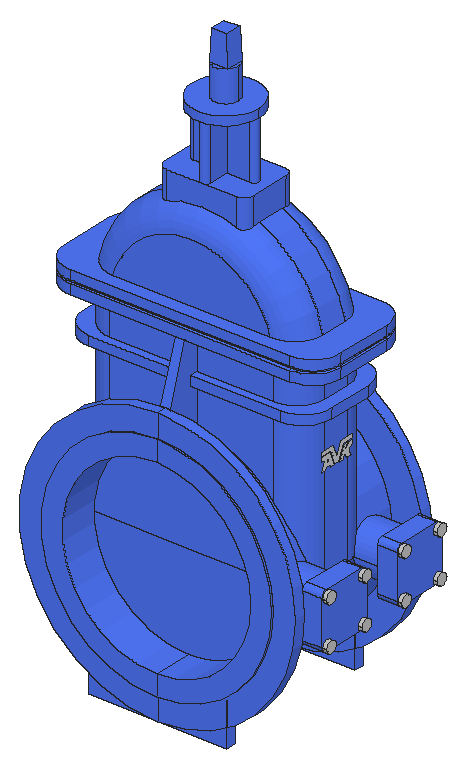
Revit family "54-3132-001 DN350-600", category Pipe Accessories, Revit 2022
Family settings
  Round Connector Dimension = Use Diameter
  Part Type = Valve - Breaks Into
  Work Plane-Based = No
  Always vertical = No
  Cut with Voids When Loaded = No
  Shared = No
Parameters (values of type "54-0500-32-1101100")
  wedge_dim1 = Body_W * 1.1  # 247.50 mm
  sweep = size_lookup(Search_table, "sweep", 0.00 mm, DN)  # 4.00 mm
  stem_dim = F1 * 1.4  # 67.20 mm
  bottom_rib = OD * 0.5  # 365.00 mm
  W_half = W - W1  # 365.00 mm
  W1 = size_lookup(Search_table, "W1", 0.00 mm, DN)  # 425.00 mm
  W = size_lookup(Search_table, "W", 0.00 mm, DN)  # 790.00 mm
  Stem_dim = F2 / 2  # 81.00 mm
  Rib_W = (Bonnet_FL_W * 0.9) / 2  # 135.00 mm
  Rib_L = (Bonnet_FL_L * 0.9) / 2  # 328.50 mm
  Rib_H = Body_H * 0.8  # 406.80 mm
  Raised_dis = size_lookup(Search_table, "Raised_dis", 0.00 mm, DN)  # 4.00 mm
  Raised_dia = size_lookup(Search_table, "Raised_dia", 0.00 mm, DN)  # 609.00 mm
  PN = size_lookup(Search_table, "PN", 0.00 mm, DN)  # 16.00 mm
  OD1 = H2 * 2  # 730.00 mm
  OD = size_lookup(Search_table, "OD", 0.00 mm, DN)  # 730.00 mm
  L = size_lookup(Search_table, "L", 0.00 mm, DN)  # 457.00 mm
  H2 = size_lookup(Search_table, "H2", 0.00 mm, DN)  # 365.00 mm
  H1 = size_lookup(Search_table, "H1", 0.00 mm, DN)  # 1017.00 mm
  H = 782.00 mm
  Fillet = Body_W / 3  # 75.00 mm
  FL_T = size_lookup(Search_table, "FL_T", 0.00 mm, DN)  # 31.50 mm
  F2 = size_lookup(Search_table, "F2", 0.00 mm, DN)  # 162.00 mm
  F1 = size_lookup(Search_table, "F1", 0.00 mm, DN)  # 48.00 mm
  F = size_lookup(Search_table, "F", 0.00 mm, DN)  # 40.00 mm
  DN = 500.14 mm
  Description_ = "AVK METAL SEAT GATE VALVE, FLANGED, PN 10/16"
  Default Elevation = 0.00 mm
  Search_table = "54-3132-001 DN350-600"
  URL product pages = "https://www.avkvalves.com/P.aspx?no=540350310101100"
  Cut_dis = Bonnet_FL_T / 2  # 29.925 mm
  Bypass_dis = W1 * 0.85  # 361.25 mm
  Bypass_dim3 = Bypass_dim1 * 0.43  # 62.78 mm
  Bypass_dim2 = Bypass_dim1 * 0.1  # 14.60 mm
  Bypass_dim1 = OD * 0.2  # 146.00 mm
  Bore = DN / 2  # 250.07 mm
  Bonnet_fillet = Fillet / 3  # 25.00 mm
  Bonnet_dim3 = H1 * 0.83  # 844.11 mm
  Bonnet_dim2 = Body_W * 0.35  # 78.75 mm
  Bonnet_dim1 = Body_L * 0.2  # 116.80 mm
  Bonnet_FL_W = size_lookup(Search_table, "Bonnet_FL_W", 0.00 mm, DN)  # 300.00 mm
  Bonnet_FL_T = FL_T * 1.9  # 59.85 mm
  Bonnet_FL_L = size_lookup(Search_table, "Bonnet_FL_L", 0.00 mm, DN)  # 730.00 mm
  Body_rib_T = FL_T * 0.4  # 12.60 mm
  Body_T = size_lookup(Search_table, "Body_T", 0.00 mm, DN) / 2  # 242.50 mm
  Body_W = Bonnet_FL_W * 0.75  # 225.00 mm
  Body_L = Bonnet_FL_L * 0.8  # 584.00 mm
  Body_H = H1 / 2  # 508.50 mm
  BP_centre = Bypass_dim1 / 2  # 73.00 mm
  Actuator_FLR = size_lookup(Search_table, "Actuator_FLR", 0.00 mm, DN) / 2  # 87.50 mm
  ADN = size_lookup(Search_table, "ADN", 0.00 mm, DN)  # 500.00 mm
  ACtuator_T = Body_rib_T * 1.8  # 22.68 mm
  54-0600-32-1101100 = "DN600_PN16_ CTO"
  54-0600-32-0102100 = "DN600_PN10_ CTO"
  54-0600-32-0101100 = "DN600_PN10_ CTO"
  54-0600-31-1102100 = "DN600_PN16_ CTC"
  54-0600-31-1101100 = "DN600_PN16_ CTC"
  54-0600-31-0102100 = "DN600_PN10_ CTC"
  54-0600-31-0101100 = "DN600_PN10_ CTC"
  54-0500-32-1101100 = "DN500_PN16_ CTO"
  54-0500-32-0101100 = "DN500_PN10_ CTO"
  54-0500-31-1102100 = "DN500_PN16_ CTO"
  54-0500-31-1101100 = "DN500_PN16_ CTC"
  54-0500-31-0102100 = "DN500_PN16_ CTC\r\nDN500_PN10_ CTC\r\nDN500_PN10_ CTC"
  54-0500-31-0101100 = "DN500_PN10_ CTC"
  54-0450-32-1101100 = "DN450_PN16_ CTO"
  54-0450-32-0102100 = "DN450_PN10_ CTO"
  54-0450-32-0101100 = "DN450_PN10_ CTO"
  54-0450-31-1102100 = "DN450_PN16_ CTC"
  54-0450-31-1101100 = "DN450_PN16_ CTC"
  54-0450-31-0102100 = "DN450_PN10_ CTC"
  54-0450-31-0101100 = "DN450_PN10_ CTC"
  54-0400-32-1101100 = "DN400_PN16_ CTO"
  54-0400-32-0101100 = "DN400_PN10_ CTO"
  54-0400-31-1102100 = "DN400_PN16_ CTC"
  54-0400-31-1101100 = "DN400_PN16_ CTC"
  54-0400-31-0101100 = "DN400_PN10_ CTC"
  54-0350-32-1101100 = "DN350_PN16_ CTO"
  54-0350-32-0101100 = "DN350_PN10_ CTO"
  54-0350-31-1101100 = "DN350_PN16_ CTC\r\nDN350_PN16_ CTC"
  54-0350-31-0101100 = "DN350_PN10_ CTC\r\nDN350_PN10_ CTC"
  1 = 1.00 mm  # constant formula
Types (30, lengths in mm): name | wedge_dim1 | bottom_rib | W_half | W1 | W | Rib_W | Rib_L | Rib_H | Raised_dis | Raised_dia | PN | OD1 | OD | L | H2 | H1 | Fillet | FL_T | F | DN | Cut_dis | Bypass_dis | Bypass_dim3 | Bypass_dim2 | Bypass_dim1 | Bore | Bonnet_fillet | Bonnet_dim3 | Bonnet_dim2 | Bonnet_dim1 | Bonnet_FL_W | Bonnet_FL_T | Bonnet_FL_L | Body_rib_T | Body_T | Body_W | Body_L | Body_H | BP_centre | Actuator_FLR | ADN | ACtuator_T
  (no name) | 247.50 | 365.00 | 365.00 | 425.00 | 790.00 | 135.00 | 328.50 | 406.80 | 4.00 | 609.00 | 16.00 | 730.00 | 730.00 | 457.00 | 365.00 | 1017.00 | 75.00 | 31.50 | 40.00 | 500.14 | 29.925 | 361.25 | 62.78 | 14.60 | 146.00 | 250.07 | 25.00 | 844.11 | 78.75 | 116.80 | 300.00 | 59.85 | 730.00 | 12.60 | 242.50 | 225.00 | 584.00 | 508.50 | 73.00 | 87.50 | 500.00 | 22.68
  54-0350-31-0101100 | 217.80 | 265.00 | 280.00 | 325.00 | 605.00 | 118.80 | 252.00 | 312.80 | 4.00 | 429.00 | 10.00 | 530.00 | 530.00 | 381.00 | 265.00 | 782.00 | 66.00 | 24.50 | 40.00 | 350.00 | 23.275 | 276.25 | 45.58 | 10.60 | 106.00 | 175.00 | 22.00 | 649.06 | 69.30 | 89.60 | 264.00 | 46.55 | 560.00 | 9.80 | 167.50 | 198.00 | 448.00 | 391.00 | 53.00 | 87.50 | 350.00 | 17.64
  54-0350-31-1101100 | 217.80 | 265.00 | 280.00 | 325.00 | 605.00 | 118.80 | 252.00 | 312.80 | 4.00 | 429.00 | 16.00 | 530.00 | 530.00 | 381.00 | 265.00 | 782.00 | 66.00 | 26.50 | 40.00 | 350.10 | 25.175 | 276.25 | 45.58 | 10.60 | 106.00 | 175.05 | 22.00 | 649.06 | 69.30 | 89.60 | 264.00 | 50.35 | 560.00 | 10.60 | 167.50 | 198.00 | 448.00 | 391.00 | 53.00 | 87.50 | 350.00 | 19.08
  54-0350-32-0101100 | 217.80 | 265.00 | 280.00 | 325.00 | 605.00 | 118.80 | 252.00 | 312.80 | 4.00 | 429.00 | 10.00 | 530.00 | 530.00 | 381.00 | 265.00 | 782.00 | 66.00 | 24.50 | 40.00 | 350.11 | 23.275 | 276.25 | 45.58 | 10.60 | 106.00 | 175.055 | 22.00 | 649.06 | 69.30 | 89.60 | 264.00 | 46.55 | 560.00 | 9.80 | 167.50 | 198.00 | 448.00 | 391.00 | 53.00 | 87.50 | 350.00 | 17.64
  54-0350-32-1101100 | 217.80 | 265.00 | 280.00 | 325.00 | 605.00 | 118.80 | 252.00 | 312.80 | 4.00 | 429.00 | 16.00 | 530.00 | 530.00 | 381.00 | 265.00 | 782.00 | 66.00 | 26.50 | 40.00 | 350.12 | 25.175 | 276.25 | 45.58 | 10.60 | 106.00 | 175.06 | 22.00 | 649.06 | 69.30 | 89.60 | 264.00 | 50.35 | 560.00 | 10.60 | 167.50 | 198.00 | 448.00 | 391.00 | 53.00 | 87.50 | 350.00 | 19.08
  54-0400-31-0101100 | 217.80 | 295.00 | 302.00 | 355.00 | 657.00 | 118.80 | 271.80 | 342.80 | 4.00 | 480.00 | 10.00 | 590.00 | 590.00 | 406.00 | 295.00 | 857.00 | 66.00 | 24.50 | 40.00 | 400.00 | 23.275 | 301.75 | 50.74 | 11.80 | 118.00 | 200.00 | 22.00 | 711.31 | 69.30 | 96.64 | 264.00 | 46.55 | 604.00 | 9.80 | 192.50 | 198.00 | 483.20 | 428.50 | 59.00 | 87.50 | 400.00 | 17.64
  54-0400-31-1101100 | 217.80 | 295.00 | 302.00 | 355.00 | 657.00 | 118.80 | 271.80 | 342.80 | 4.00 | 480.00 | 16.00 | 590.00 | 590.00 | 406.00 | 295.00 | 857.00 | 66.00 | 28.00 | 40.00 | 400.10 | 26.60 | 301.75 | 50.74 | 11.80 | 118.00 | 200.05 | 22.00 | 711.31 | 69.30 | 96.64 | 264.00 | 53.20 | 604.00 | 11.20 | 192.50 | 198.00 | 483.20 | 428.50 | 59.00 | 87.50 | 400.00 | 20.16
  54-0400-31-1102100 | 217.80 | 295.00 | 302.00 | 355.00 | 657.00 | 118.80 | 271.80 | 342.80 | 4.00 | 480.00 | 16.00 | 590.00 | 590.00 | 406.00 | 295.00 | 857.00 | 66.00 | 28.00 | 40.00 | 400.11 | 26.60 | 301.75 | 50.74 | 11.80 | 118.00 | 200.055 | 22.00 | 711.31 | 69.30 | 96.64 | 264.00 | 53.20 | 604.00 | 11.20 | 192.50 | 198.00 | 483.20 | 428.50 | 59.00 | 105.00 | 400.00 | 20.16
  54-0400-32-0101100 | 217.80 | 295.00 | 302.00 | 355.00 | 657.00 | 118.80 | 271.80 | 342.80 | 4.00 | 480.00 | 10.00 | 590.00 | 590.00 | 406.00 | 295.00 | 857.00 | 66.00 | 24.50 | 40.00 | 400.12 | 23.275 | 301.75 | 50.74 | 11.80 | 118.00 | 200.06 | 22.00 | 711.31 | 69.30 | 96.64 | 264.00 | 46.55 | 604.00 | 9.80 | 192.50 | 198.00 | 483.20 | 428.50 | 59.00 | 87.50 | 400.00 | 17.64
  54-0400-32-1101100 | 217.80 | 295.00 | 302.00 | 355.00 | 657.00 | 118.80 | 271.80 | 342.80 | 4.00 | 480.00 | 16.00 | 590.00 | 590.00 | 406.00 | 295.00 | 857.00 | 66.00 | 28.00 | 40.00 | 400.13 | 26.60 | 301.75 | 50.74 | 11.80 | 118.00 | 200.065 | 22.00 | 711.31 | 69.30 | 96.64 | 264.00 | 53.20 | 604.00 | 11.20 | 192.50 | 198.00 | 483.20 | 428.50 | 59.00 | 87.50 | 400.00 | 20.16
  54-0450-31-0101100 | 239.25 | 325.00 | 335.00 | 385.00 | 720.00 | 130.50 | 301.50 | 377.60 | 4.00 | 530.00 | 10.00 | 650.00 | 650.00 | 432.00 | 325.00 | 944.00 | 72.50 | 25.50 | 40.00 | 450.00 | 24.225 | 327.25 | 55.90 | 13.00 | 130.00 | 225.00 | 24.167 | 783.52 | 76.125 | 107.20 | 290.00 | 48.45 | 670.00 | 10.20 | 217.50 | 217.50 | 536.00 | 472.00 | 65.00 | 87.50 | 450.00 | 18.36
  54-0450-31-0102100 | 239.25 | 325.00 | 335.00 | 385.00 | 720.00 | 130.50 | 301.50 | 377.60 | 4.00 | 530.00 | 10.00 | 650.00 | 650.00 | 432.00 | 325.00 | 944.00 | 72.50 | 25.50 | 40.00 | 450.10 | 24.225 | 327.25 | 55.90 | 13.00 | 130.00 | 225.05 | 24.167 | 783.52 | 76.125 | 107.20 | 290.00 | 48.45 | 670.00 | 10.20 | 217.50 | 217.50 | 536.00 | 472.00 | 65.00 | 105.00 | 450.00 | 18.36
  54-0450-31-1101100 | 239.25 | 325.00 | 335.00 | 385.00 | 720.00 | 130.50 | 301.50 | 377.60 | 4.00 | 548.00 | 16.00 | 650.00 | 650.00 | 432.00 | 325.00 | 944.00 | 72.50 | 30.00 | 40.00 | 450.11 | 28.50 | 327.25 | 55.90 | 13.00 | 130.00 | 225.055 | 24.167 | 783.52 | 76.125 | 107.20 | 290.00 | 57.00 | 670.00 | 12.00 | 217.50 | 217.50 | 536.00 | 472.00 | 65.00 | 87.50 | 450.00 | 21.60
  54-0450-31-1102100 | 239.25 | 325.00 | 335.00 | 385.00 | 720.00 | 130.50 | 301.50 | 377.60 | 4.00 | 548.00 | 16.00 | 650.00 | 650.00 | 432.00 | 325.00 | 944.00 | 72.50 | 30.00 | 40.00 | 450.12 | 28.50 | 327.25 | 55.90 | 13.00 | 130.00 | 225.06 | 24.167 | 783.52 | 76.125 | 107.20 | 290.00 | 57.00 | 670.00 | 12.00 | 217.50 | 217.50 | 536.00 | 472.00 | 65.00 | 105.00 | 450.00 | 21.60
  54-0450-32-0101100 | 239.25 | 325.00 | 335.00 | 385.00 | 720.00 | 130.50 | 301.50 | 377.60 | 4.00 | 530.00 | 10.00 | 650.00 | 650.00 | 432.00 | 325.00 | 944.00 | 72.50 | 25.50 | 40.00 | 450.13 | 24.225 | 327.25 | 55.90 | 13.00 | 130.00 | 225.065 | 24.167 | 783.52 | 76.125 | 107.20 | 290.00 | 48.45 | 670.00 | 10.20 | 217.50 | 217.50 | 536.00 | 472.00 | 65.00 | 87.50 | 450.00 | 18.36
  54-0450-32-0102100 | 239.25 | 325.00 | 335.00 | 385.00 | 720.00 | 130.50 | 301.50 | 377.60 | 4.00 | 530.00 | 10.00 | 650.00 | 650.00 | 432.00 | 325.00 | 944.00 | 72.50 | 25.50 | 40.00 | 450.14 | 24.225 | 327.25 | 55.90 | 13.00 | 130.00 | 225.07 | 24.167 | 783.52 | 76.125 | 107.20 | 290.00 | 48.45 | 670.00 | 10.20 | 217.50 | 217.50 | 536.00 | 472.00 | 65.00 | 105.00 | 450.00 | 18.36
  54-0450-32-1101100 | 239.25 | 325.00 | 335.00 | 385.00 | 720.00 | 130.50 | 301.50 | 377.60 | 4.00 | 548.00 | 16.00 | 650.00 | 650.00 | 432.00 | 325.00 | 944.00 | 72.50 | 30.00 | 40.00 | 450.15 | 28.50 | 327.25 | 55.90 | 13.00 | 130.00 | 225.075 | 24.167 | 783.52 | 76.125 | 107.20 | 290.00 | 57.00 | 670.00 | 12.00 | 217.50 | 217.50 | 536.00 | 472.00 | 65.00 | 87.50 | 450.00 | 21.60
  54-0500-31-0101100 | 247.50 | 365.00 | 365.00 | 425.00 | 790.00 | 135.00 | 328.50 | 406.80 | 4.00 | 582.00 | 10.00 | 730.00 | 730.00 | 457.00 | 365.00 | 1017.00 | 75.00 | 26.50 | 40.00 | 500.00 | 25.175 | 361.25 | 62.78 | 14.60 | 146.00 | 250.00 | 25.00 | 844.11 | 78.75 | 116.80 | 300.00 | 50.35 | 730.00 | 10.60 | 242.50 | 225.00 | 584.00 | 508.50 | 73.00 | 87.50 | 500.00 | 19.08
  54-0500-31-0102100 | 247.50 | 365.00 | 365.00 | 425.00 | 790.00 | 135.00 | 328.50 | 406.80 | 4.00 | 582.00 | 10.00 | 730.00 | 730.00 | 457.00 | 365.00 | 1017.00 | 75.00 | 26.50 | 40.00 | 500.10 | 25.175 | 361.25 | 62.78 | 14.60 | 146.00 | 250.05 | 25.00 | 844.11 | 78.75 | 116.80 | 300.00 | 50.35 | 730.00 | 10.60 | 242.50 | 225.00 | 584.00 | 508.50 | 73.00 | 105.00 | 500.00 | 19.08
  54-0500-31-1101100 | 247.50 | 365.00 | 365.00 | 425.00 | 790.00 | 135.00 | 328.50 | 406.80 | 4.00 | 609.00 | 16.00 | 730.00 | 730.00 | 457.00 | 365.00 | 1017.00 | 75.00 | 31.50 | 40.00 | 500.11 | 29.925 | 361.25 | 62.78 | 14.60 | 146.00 | 250.055 | 25.00 | 844.11 | 78.75 | 116.80 | 300.00 | 59.85 | 730.00 | 12.60 | 242.50 | 225.00 | 584.00 | 508.50 | 73.00 | 87.50 | 500.00 | 22.68
  54-0500-31-1102100 | 247.50 | 365.00 | 365.00 | 425.00 | 790.00 | 135.00 | 328.50 | 406.80 | 4.00 | 609.00 | 16.00 | 730.00 | 730.00 | 457.00 | 365.00 | 1017.00 | 75.00 | 31.50 | 40.00 | 500.12 | 29.925 | 361.25 | 62.78 | 14.60 | 146.00 | 250.06 | 25.00 | 844.11 | 78.75 | 116.80 | 300.00 | 59.85 | 730.00 | 12.60 | 242.50 | 225.00 | 584.00 | 508.50 | 73.00 | 105.00 | 500.00 | 22.68
  54-0500-32-0101100 | 247.50 | 365.00 | 365.00 | 425.00 | 790.00 | 135.00 | 328.50 | 406.80 | 4.00 | 582.00 | 10.00 | 730.00 | 730.00 | 457.00 | 365.00 | 1017.00 | 75.00 | 26.50 | 40.00 | 500.13 | 25.175 | 361.25 | 62.78 | 14.60 | 146.00 | 250.065 | 25.00 | 844.11 | 78.75 | 116.80 | 300.00 | 50.35 | 730.00 | 10.60 | 242.50 | 225.00 | 584.00 | 508.50 | 73.00 | 87.50 | 500.00 | 19.08
  54-0500-32-1101100 | 247.50 | 365.00 | 365.00 | 425.00 | 790.00 | 135.00 | 328.50 | 406.80 | 4.00 | 609.00 | 16.00 | 730.00 | 730.00 | 457.00 | 365.00 | 1017.00 | 75.00 | 31.50 | 40.00 | 500.14 | 29.925 | 361.25 | 62.78 | 14.60 | 146.00 | 250.07 | 25.00 | 844.11 | 78.75 | 116.80 | 300.00 | 59.85 | 730.00 | 12.60 | 242.50 | 225.00 | 584.00 | 508.50 | 73.00 | 87.50 | 500.00 | 22.68
  54-0600-31-0101100 | 275.55 | 440.00 | 420.00 | 485.00 | 905.00 | 150.30 | 375.30 | 471.20 | 5.00 | 682.00 | 10.00 | 880.00 | 880.00 | 508.00 | 440.00 | 1178.00 | 83.50 | 30.00 | 40.00 | 600.00 | 28.50 | 412.25 | 75.68 | 17.60 | 176.00 | 300.00 | 27.833 | 977.74 | 87.675 | 133.44 | 334.00 | 57.00 | 834.00 | 12.00 | 292.50 | 250.50 | 667.20 | 589.00 | 88.00 | 87.50 | 600.00 | 21.60
  54-0600-31-0102100 | 275.55 | 440.00 | 420.00 | 485.00 | 905.00 | 150.30 | 375.30 | 471.20 | 5.00 | 682.00 | 10.00 | 880.00 | 880.00 | 508.00 | 440.00 | 1178.00 | 83.50 | 30.00 | 40.00 | 600.10 | 28.50 | 412.25 | 75.68 | 17.60 | 176.00 | 300.05 | 27.833 | 977.74 | 87.675 | 133.44 | 334.00 | 57.00 | 834.00 | 12.00 | 292.50 | 250.50 | 667.20 | 589.00 | 88.00 | 105.00 | 600.00 | 21.60
  54-0600-31-1101100 | 275.55 | 440.00 | 420.00 | 485.00 | 905.00 | 150.30 | 375.30 | 471.20 | 5.00 | 720.00 | 16.00 | 880.00 | 880.00 | 508.00 | 440.00 | 1178.00 | 83.50 | 36.00 | 40.00 | 600.11 | 34.20 | 412.25 | 75.68 | 17.60 | 176.00 | 300.055 | 27.833 | 977.74 | 87.675 | 133.44 | 334.00 | 68.40 | 834.00 | 14.40 | 292.50 | 250.50 | 667.20 | 589.00 | 88.00 | 87.50 | 600.00 | 25.92
  54-0600-31-1102100 | 275.55 | 440.00 | 420.00 | 485.00 | 905.00 | 150.30 | 375.30 | 471.20 | 5.00 | 720.00 | 16.00 | 880.00 | 880.00 | 508.00 | 440.00 | 1178.00 | 83.50 | 36.00 | 40.00 | 600.12 | 34.20 | 412.25 | 75.68 | 17.60 | 176.00 | 300.06 | 27.833 | 977.74 | 87.675 | 133.44 | 334.00 | 68.40 | 834.00 | 14.40 | 292.50 | 250.50 | 667.20 | 589.00 | 88.00 | 105.00 | 600.00 | 25.92
  54-0600-32-0101100 | 275.55 | 440.00 | 420.00 | 485.00 | 905.00 | 150.30 | 375.30 | 471.20 | 5.00 | 682.00 | 10.00 | 880.00 | 880.00 | 508.00 | 440.00 | 1178.00 | 83.50 | 30.00 | 40.00 | 600.13 | 28.50 | 412.25 | 75.68 | 17.60 | 176.00 | 300.065 | 27.833 | 977.74 | 87.675 | 133.44 | 334.00 | 57.00 | 834.00 | 12.00 | 292.50 | 250.50 | 667.20 | 589.00 | 88.00 | 87.50 | 600.00 | 21.60
  54-0600-32-0102100 | 275.55 | 440.00 | 420.00 | 485.00 | 905.00 | 150.30 | 375.30 | 471.20 | 5.00 | 682.00 | 10.00 | 880.00 | 880.00 | 508.00 | 440.00 | 1178.00 | 83.50 | 30.00 | 40.00 | 600.14 | 28.50 | 412.25 | 75.68 | 17.60 | 176.00 | 300.07 | 27.833 | 977.74 | 87.675 | 133.44 | 334.00 | 57.00 | 834.00 | 12.00 | 292.50 | 250.50 | 667.20 | 589.00 | 88.00 | 105.00 | 600.00 | 21.60
  54-0600-32-1101100 | 275.55 | 440.00 | 420.00 | 485.00 | 905.00 | 150.30 | 375.30 | 471.20 | 5.00 | 720.00 | 16.00 | 880.00 | 880.00 | 508.00 | 440.00 | 1178.00 | 83.50 | 36.00 | 41.00 | 600.15 | 34.20 | 412.25 | 75.68 | 17.60 | 176.00 | 300.075 | 27.833 | 977.74 | 87.675 | 133.44 | 334.00 | 68.40 | 834.00 | 14.40 | 292.50 | 250.50 | 667.20 | 589.00 | 88.00 | 87.50 | 600.00 | 25.92
Reference planes
  plane 1 "Center (Front/Back)": y = 0
  plane 2: z = 0
  plane 3 "Center (Left/Right)": x = 0
  plane 4: z = 250.07
  plane 5: y = 190.5
  plane 6: y = -190.5
  plane 7: x = -365
  plane 8: y = 228.5
  plane 9: y = -228.5
  plane 10: y = 197
  plane 11: y = -197
  plane 12: z = 365
  plane 13: z = -365
  plane 14: z = 365
  plane 15: z = -365
  plane 16: z = 304.5
  plane 17: z = -304.5
  plane 18: y = 112.5
  plane 19: y = -112.5
  plane 20: x = -292
  plane 21: x = 292
  plane 22: z = 508.5
  plane 23: y = 150
  plane 24: y = -150
  plane 25: x = -365
  plane 26: x = 365
  plane 27: z = 568.35
  plane 28: z = 1017
  plane 29: y = 150
  plane 30: y = -150
  plane 31: z = 844.11
  plane 32: z = 406.8
  plane 33: z = 277.5
  plane 34: y = -150
  plane 35: y = 150
  plane 36: z = 1179
  plane 37: y = 24
  plane 38: y = -24
  plane 39: x = 24
  plane 40: x = -24
  plane 41: x = -20
  plane 42: x = 20
  plane 43: y = -20
  plane 44: y = 20
  plane 45: z = 73
  plane 46: z = -73
  plane 47: x = 425
  plane 48: y = 51
  plane 49: z = 73
  plane 50: z = -73
  plane 51: y = -51
  plane 52: x = 412.4
  plane 53: y = -51
  plane 54: y = 123.75
  plane 55: y = -123.75
  plane 56: x = -182.5
  plane 57: x = 182.5
  plane 58: z = -250.07
  plane 59: y = -224.5
  plane 60: y = 224.5
  plane 61: x = -182.5
  plane 62: x = 182.5
  plane 63: z = -250.07
  plane 64: x = -20
  plane 65: x = 20
  plane 66: x = -24
  plane 67: x = 24
  plane 68: x = -87.5
  plane 69: x = 87.5
Forms (mm)
  Revolve 1, solid, material "Plastic"
    sketch origin (0, 0, 0) x (0, 1, 0) y (0, 0, 1)
      loop
        line (228.5, 250.07) -> (228.5, 304.5) -> (224.5, 304.5) -> (224.5, 365) -> (197, 365) -> (197, 281.57) -> (-197, 281.57) -> (-197, 365) -> (-224.5, 365) -> (-224.5, 304.5) -> (-228.5, 304.5) -> (-228.5, 250.07) -> (228.5, 250.07)
      axis (228.5, 0) -> (-228.5, 0)
    angle from 0 to 360
  Extrusion 2, solid, material "Plastic"
    sketch origin (0, 0, 0) x (1, 0, 0) y (0, 1, 0)
      loop
        arc (-217, 112.5) -> (-270.033, 90.533) -> (-292, 37.5) r 75
        line (-292, 37.5) -> (-292, -37.5)
        arc (-292, -37.5) -> (-270.033, -90.533) -> (-217, -112.5) r 75
        line (-217, -112.5) -> (217, -112.5)
        arc (217, -112.5) -> (270.033, -90.533) -> (292, -37.5) r 75
        line (292, -37.5) -> (292, 37.5)
        arc (292, 37.5) -> (270.033, 90.533) -> (217, 112.5) r 75
        line (217, 112.5) -> (-217, 112.5)
    from 0 to 508.5
  Revolve 3, solid, material "Plastic"
    sketch origin (0, 0, 0) x (1, 0, 0) y (0, 1, 0)
      loop
        arc (-217, 112.5) -> (-270.033, 90.533) -> (-292, 37.5) r 75
        line (-292, 37.5) -> (-292, -37.5)
        arc (-292, -37.5) -> (-270.033, -90.533) -> (-217, -112.5) r 75
        line (-217, -112.5) -> (0, -112.5) -> (0, 112.5) -> (-217, 112.5)
      axis (0, 112.5) -> (0, -112.5)
    angle from 0 to 180
  Extrusion 4, solid, material "Plastic"
    sketch origin (0, 417.889, 508.5) x (0, 1, 0) y (-1, 0, 0)
      loop
        arc (-267.889, 290) -> (-289.856, 343.033) -> (-342.889, 365) r 75
        line (-342.889, 365) -> (-492.889, 365)
        arc (-492.889, 365) -> (-545.922, 343.033) -> (-567.889, 290) r 75
        line (-567.889, 290) -> (-567.889, -290)
        arc (-567.889, -290) -> (-545.922, -343.033) -> (-492.889, -365) r 75
        line (-492.889, -365) -> (-342.889, -365)
        arc (-342.889, -365) -> (-289.856, -343.033) -> (-267.889, -290) r 75
        line (-267.889, -290) -> (-267.889, 290)
    from 0 to 59.85
  Revolve 5, solid, material "Plastic"
    sketch origin (0, 417.889, 508.5) x (0, 1, 0) y (-1, 0, 0)
      loop
        arc (-380.389, -292) -> (-327.356, -270.033) -> (-305.389, -217) r 75
        line (-305.389, -217) -> (-305.389, 0) -> (-530.389, 0) -> (-530.389, -217)
        arc (-530.389, -217) -> (-508.422, -270.033) -> (-455.389, -292) r 75
        line (-455.389, -292) -> (-380.389, -292)
      axis (-305.389, 0) -> (-530.389, 0)
    angle from 360 to 180
  Sweep 6, void
    path in 3D
      loop
        arc (-290, 150, 568.35) -> (-343.033, 128.033, 568.35) -> (-365, 75, 568.35) r 75
        line (-365, 75, 568.35) -> (-365, -75, 568.35)
        arc (-365, -75, 568.35) -> (-343.033, -128.033, 568.35) -> (-290, -150, 568.35) r 75
        line (-290, -150, 568.35) -> (290, -150, 568.35)
        arc (290, -150, 568.35) -> (343.033, -128.033, 568.35) -> (365, -75, 568.35) r 75
        line (365, -75, 568.35) -> (365, 75, 568.35)
        arc (365, 75, 568.35) -> (343.033, 128.033, 568.35) -> (290, 150, 568.35) r 75
        line (290, 150, 568.35) -> (-290, 150, 568.35)
    profile origin (0, 150, 568.35) x (0, -1, 0) y (0, 0, 1)
      loop
        circle (0, -29.925) r 4
  Extrusion 7, solid, material "Plastic"
    sketch origin (0, 417.889, 508.5) x (0, 1, 0) y (-1, 0, 0)
      loop
        arc (-339.139, 91.8) -> (-346.461, 109.478) -> (-364.139, 116.8) r 25
        line (-364.139, 116.8) -> (-471.639, 116.8)
        arc (-471.639, 116.8) -> (-489.317, 109.478) -> (-496.639, 91.8) r 25
        line (-496.639, 91.8) -> (-496.639, -91.8)
        arc (-496.639, -91.8) -> (-489.317, -109.478) -> (-471.639, -116.8) r 25
        line (-471.639, -116.8) -> (-364.139, -116.8)
        arc (-364.139, -116.8) -> (-346.461, -109.478) -> (-339.139, -91.8) r 25
        line (-339.139, -91.8) -> (-339.139, 91.8)
    from 335.61 to 0
  Extrusion 8, solid, material "Plastic"
    sketch origin (-848.252, -1524, 406.8) x (-1, 0, 0) y (0, -1, 0)
      loop
        arc (-594.752, -1659) -> (-541.719, -1637.033) -> (-519.752, -1584) r 75
        line (-519.752, -1584) -> (-519.752, -1464)
        arc (-519.752, -1464) -> (-541.719, -1410.967) -> (-594.752, -1389) r 75
        line (-594.752, -1389) -> (-1101.752, -1389)
        arc (-1101.752, -1389) -> (-1154.785, -1410.967) -> (-1176.752, -1464) r 75
        line (-1176.752, -1464) -> (-1176.752, -1584)
        arc (-1176.752, -1584) -> (-1154.785, -1637.033) -> (-1101.752, -1659) r 75
        line (-1101.752, -1659) -> (-594.752, -1659)
    from -12.6 to 12.6
  Extrusion 9, solid, material "Plastic"
    sketch origin (0, 0, 0) x (0, 1, 0) y (0, 0, 1)
      loop
        line (150, 508.5) -> (112.5, 508.5) -> (112.5, 250.07) -> (197, 250.07) -> (197, 365) -> (150, 508.5)
      loop
        line (-150, 508.5) -> (-197, 365) -> (-197, 250.07) -> (-112.5, 250.07) -> (-112.5, 508.5) -> (-150, 508.5)
    from -12.6 to 12.6
  Extrusion 10, solid, material "Plastic"
    sketch origin (-736.328, -1524, 1017) x (-1, 0, 0) y (0, -1, 0)
      loop
        circle (-736.328, -1524) r 87.5
    from 0 to -22.68
  Extrusion 11, solid, material "Plastic"
    sketch origin (-736.328, -1524, 1017) x (-1, 0, 0) y (0, -1, 0)
      loop
        line (-723.728, -1536.6) -> (-661.428, -1536.6)
        arc (-661.428, -1536.6) -> (-648.828, -1524) -> (-661.428, -1511.4) r 12.6
        line (-661.428, -1511.4) -> (-723.728, -1511.4) -> (-723.728, -1457.85)
        arc (-723.728, -1457.85) -> (-736.328, -1445.25) -> (-748.928, -1457.85) r 12.6
        line (-748.928, -1457.85) -> (-748.928, -1511.4) -> (-811.228, -1511.4)
        arc (-811.228, -1511.4) -> (-823.828, -1524) -> (-811.228, -1536.6) r 12.6
        line (-811.228, -1536.6) -> (-748.928, -1536.6) -> (-748.928, -1590.15)
        arc (-748.928, -1590.15) -> (-736.328, -1602.75) -> (-723.728, -1590.15) r 12.6
        line (-723.728, -1590.15) -> (-723.728, -1536.6)
    from -22.68 to -172.89
  Extrusion 12, solid, material "Plastic"
    sketch origin (-736.328, -1524, 1017) x (-1, 0, 0) y (0, -1, 0)
      loop
        circle (-736.328, -1524) r 33.6
    from 0 to 81
  SweptBlend 13, solid, material "Plastic"
    path origin (0, 0, 0) x (1, 0, 0) y (0, 0, 1)
      loop
        line (0, 1098) -> (0, 1179)
    profile origin (0, 0, 1098) x (-1, 0, 0) y (0, -1, 0)
      loop
        line (24, 24) -> (-24, 24) -> (-24, -24) -> (24, -24) -> (24, 24)
    end profile origin (0, 0, 1179) x (-1, 0, 0) y (0, -1, 0)
      loop
        line (20, -20) -> (20, 20) -> (-20, 20) -> (-20, -20) -> (20, -20)
  Extrusion 14, solid, material "Plastic"
    sketch origin (0, 0, 0) x (0, 1, 0) y (0, 0, 1)
      loop
        line (182.4, 73) -> (65.6, 73)
        arc (65.6, 73) -> (55.276, 68.724) -> (51, 58.4) r 14.6
        line (51, 58.4) -> (51, -58.4)
        arc (51, -58.4) -> (55.276, -68.724) -> (65.6, -73) r 14.6
        line (65.6, -73) -> (182.4, -73)
        arc (182.4, -73) -> (192.724, -68.724) -> (197, -58.4) r 14.6
        line (197, -58.4) -> (197, 58.4)
        arc (197, 58.4) -> (192.724, 68.724) -> (182.4, 73) r 14.6
      loop
        line (-65.6, 73) -> (-182.4, 73)
        arc (-182.4, 73) -> (-192.724, 68.724) -> (-197, 58.4) r 14.6
        line (-197, 58.4) -> (-197, -58.4)
        arc (-197, -58.4) -> (-192.724, -68.724) -> (-182.4, -73) r 14.6
        line (-182.4, -73) -> (-65.6, -73)
        arc (-65.6, -73) -> (-55.276, -68.724) -> (-51, -58.4) r 14.6
        line (-51, -58.4) -> (-51, 58.4)
        arc (-51, 58.4) -> (-55.276, 68.724) -> (-65.6, 73) r 14.6
    from 361.25 to 412.4
  Extrusion 15, solid, material "Poche"
    sketch origin (0, 0, 0) x (0, 1, 0) y (0, 0, 1)
      loop
        circle (182.4, 58.4) r 14.6
      loop
        circle (65.6, 58.4) r 14.6
      loop
        circle (182.4, -58.4) r 14.6
      loop
        circle (65.6, -58.4) r 14.6
      loop
        circle (-182.4, 58.4) r 14.6
      loop
        circle (-65.6, 58.4) r 14.6
      loop
        circle (-182.4, -58.4) r 14.6
      loop
        circle (-65.6, -58.4) r 14.6
    from 425 to 412.4
  Extrusion 16, solid, material "Plastic"
    sketch origin (0, 0, 0) x (0, 1, 0) y (0, 0, 1)
      loop
        circle (-124, 0) r 62.78
      loop
        circle (124, 0) r 62.78
    from 250.07 to 361.25
  Revolve 17, solid, material "Plastic"
    sketch origin (0, 0, 0) x (1, 0, 0) y (0, 1, 0)
      loop
        line (0, 123.75) -> (0, -123.75) -> (250.07, -123.75) -> (250.07, 123.75) -> (0, 123.75)
      axis (0, 123.75) -> (0, -123.75)
    angle from 0 to 360
  Extrusion 18, solid, material "Plastic"
    sketch origin (0, 0, 0) x (1, 0, 0) y (0, 0, 1)
      loop
        line (-182.5, -251.07) -> (-182.5, -365) -> (182.5, -365) -> (182.5, -251.07) -> (-182.5, -251.07)
    from 197 to 223.5
  Extrusion 19, solid, material "Plastic"
    sketch origin (0, 0, 0) x (1, 0, 0) y (0, 0, 1)
      loop
        line (-182.5, -365) -> (182.5, -365) -> (182.5, -251.07) -> (-182.5, -251.07) -> (-182.5, -365)
    from -223.5 to -197
Cuts and joins
  Sweep 6 cuts Extrusion 4
Lines and regions (mm)
  sketch lines
    curve 1: line (290, 150, 568.35) -> (-290, 150, 568.35)
    curve 2: arc (-365, 75, 568.35) -> (-343.033, 128.033, 568.35) -> (-290, 150, 568.35) r 75
    curve 3: line (-365, 75, 568.35) -> (-365, -75, 568.35)
    curve 4: arc (-290, -150, 568.35) -> (-343.033, -128.033, 568.35) -> (-365, -75, 568.35) r 75
    curve 5: line (-290, -150, 568.35) -> (290, -150, 568.35)
    curve 6: arc (365, -75, 568.35) -> (343.033, -128.033, 568.35) -> (290, -150, 568.35) r 75
    curve 7: line (365, -75, 568.35) -> (365, 75, 568.35)
    curve 8: arc (290, 150, 568.35) -> (343.033, 128.033, 568.35) -> (365, 75, 568.35) r 75
Dimensions and locks
  "Bore": plane 4 to level
  equal spacing: plane 5, plane 1 "Center (Front/Back)", plane 6
  plane 3 "Center (Left/Right)" to plane 7 = 365.00 mm
  "Bore": Revolve 1 sketch curve to level
  equal spacing: Revolve 1, plane 1 "Center (Front/Back)", Revolve 1
  equal spacing: Revolve 1 sketch curve, plane 1 "Center (Front/Back)", Revolve 1 sketch curve  (x3)
  equal spacing: plane 8, plane 1 "Center (Front/Back)", plane 9
  "L": plane 8 to plane 9
  equal spacing: plane 10, plane 1 "Center (Front/Back)", plane 11
  "FL_T": plane 8 to plane 10
  equal spacing: plane 13, level, plane 12
  "OD": plane 12 to plane 13
  "Raised_dis": plane 8 to Revolve 1
  equal spacing: plane 16, level, plane 17
  equal spacing: plane 14, level, plane 15
  "OD1": plane 14 to plane 15
  "Raised_dia": plane 16 to plane 17
  "FL_T": Revolve 1 sketch curve to plane 4
  equal spacing: plane 19, plane 1 "Center (Front/Back)", plane 18
  "Body_W": plane 18 to plane 19
  equal spacing: plane 20, plane 3 "Center (Left/Right)", plane 21
  "Body_L": plane 20 to plane 21
  equal spacing: Extrusion 2 sketch curve, plane 3 "Center (Left/Right)", Extrusion 2 sketch curve
  equal spacing: Extrusion 2 sketch curve, plane 1 "Center (Front/Back)", Extrusion 2 sketch curve
  "Body_H": Extrusion 2 to level
  "Body_H": plane 22 to level
  equal spacing: Extrusion 4 sketch curve, plane 1 "Center (Front/Back)", Extrusion 4 sketch curve
  equal spacing: Extrusion 4 sketch curve, plane 3 "Center (Left/Right)", Extrusion 4 sketch curve
  equal spacing: plane 24, plane 1 "Center (Front/Back)", plane 23
  "Bonnet_FL_W": plane 23 to plane 24
  equal spacing: plane 25, plane 3 "Center (Left/Right)", plane 26
  "Bonnet_FL_L": plane 25 to plane 26
  "Bonnet_FL_T": plane 27 to plane 22
  "H1": plane 28 to level
  equal spacing: plane 29, plane 1 "Center (Front/Back)", plane 30
  "Bonnet_FL_W": plane 29 to plane 30
  equal spacing: plane 27, Sweep 6 sketch curve, plane 22
  "sweep": plane 29 to Sweep 6 sketch curve
  equal spacing: Extrusion 7 sketch curve, plane 3 "Center (Left/Right)", Extrusion 7 sketch curve
  equal spacing: Extrusion 7 sketch curve, plane 1 "Center (Front/Back)", Extrusion 7 sketch curve
  "Bonnet_dim2": plane 1 "Center (Front/Back)" to Extrusion 7 sketch curve
  "Bonnet_dim1": plane 3 "Center (Left/Right)" to Extrusion 7 sketch curve
  "Bonnet_dim3": plane 31 to level
  "Rib_H": plane 32 to level
  equal spacing: Extrusion 8 sketch curve, plane 1 "Center (Front/Back)", Extrusion 8 sketch curve
  equal spacing: Extrusion 8 sketch curve, plane 3 "Center (Left/Right)", Extrusion 8 sketch curve
  equal spacing: Extrusion 8, plane 32, Extrusion 8
  "Body_rib_T": plane 32 to Extrusion 8
  "Rib_W": plane 1 "Center (Front/Back)" to Extrusion 8 sketch curve
  "Rib_L": Extrusion 8 sketch curve to plane 3 "Center (Left/Right)"
  "OD": plane 13 to Extrusion 9 sketch curve  (x2)
  equal spacing: plane 35, plane 1 "Center (Front/Back)", plane 34
  "Bonnet_FL_W": plane 35 to plane 34
  "Bonnet_FL_W": Extrusion 9 sketch curve to plane 34
  "Bonnet_FL_W": plane 35 to Extrusion 9 sketch curve
  equal spacing: Extrusion 9, plane 3 "Center (Left/Right)", Extrusion 9
  "Body_rib_T": plane 3 "Center (Left/Right)" to Extrusion 9
  "F2": plane 36 to plane 28
  equal spacing: Extrusion 10 sketch curve, plane 3 "Center (Left/Right)", Extrusion 10 sketch curve
  equal spacing: Extrusion 10 sketch curve, plane 1 "Center (Front/Back)", Extrusion 10 sketch curve
  "ACtuator_T": plane 28 to Extrusion 10
  equal spacing: Extrusion 11 sketch curve, plane 1 "Center (Front/Back)", Extrusion 11 sketch curve  (x2)
  "Body_rib_T": plane 1 "Center (Front/Back)" to Extrusion 11 sketch curve
  "Body_rib_T": Extrusion 11 sketch curve to plane 3 "Center (Left/Right)"
  equal spacing: Extrusion 11 sketch curve, plane 3 "Center (Left/Right)", Extrusion 11 sketch curve  (x2)
  "Actuator_FLR": plane 3 "Center (Left/Right)" to Extrusion 11 sketch curve
  "Bonnet_dim2": plane 1 "Center (Front/Back)" to Extrusion 11 sketch curve
  "ACtuator_T": plane 28 to Extrusion 11
  equal spacing: Extrusion 12 sketch curve, plane 3 "Center (Left/Right)", Extrusion 12 sketch curve
  equal spacing: Extrusion 12 sketch curve, plane 1 "Center (Front/Back)", Extrusion 12 sketch curve
  "Stem_dim": Extrusion 12 to plane 28
  equal spacing: SweptBlend 13 sketch curve, plane 3 "Center (Left/Right)", SweptBlend 13 sketch curve  (x2)
  equal spacing: SweptBlend 13 sketch curve, plane 1 "Center (Front/Back)", SweptBlend 13 sketch curve  (x2)
  equal spacing: plane 40, plane 3 "Center (Left/Right)", plane 39
  equal spacing: plane 37, plane 1 "Center (Front/Back)", plane 38
  "F1": plane 37 to plane 38
  "F1": plane 40 to plane 39
  equal spacing: plane 43, plane 1 "Center (Front/Back)", plane 44
  equal spacing: plane 41, plane 3 "Center (Left/Right)", plane 42
  "F": plane 41 to plane 42
  "F": plane 44 to plane 43
  equal spacing: Extrusion 14 sketch curve, level, Extrusion 14 sketch curve  (x2)
  "Bypass_dim1": plane 10 to Extrusion 14 sketch curve
  equal spacing: plane 45, level, plane 46
  "Bypass_dim1": plane 45 to plane 46
  "Bypass_dim1": Extrusion 14 sketch curve to plane 11
  "Bypass_dim1": plane 10 to plane 48
  "Bypass_dim2": plane 10 to Extrusion 15 sketch curve  (x2)
  equal spacing: plane 49, level, plane 50
  "Bypass_dim1": plane 49 to plane 50
  "Bypass_dim2": plane 49 to Extrusion 15 sketch curve  (x4)
  "Bypass_dim2": Extrusion 15 sketch curve to plane 48  (x2)
  equal spacing: plane 48, plane 1 "Center (Front/Back)", plane 51
  "Bypass_dim2": plane 51 to Extrusion 15 sketch curve  (x2)
  "Bypass_dim2": Extrusion 15 sketch curve to plane 11  (x2)
  "Bypass_dim2": plane 50 to Extrusion 15 sketch curve  (x4)
  "Body_rib_T": plane 47 to Extrusion 15
  "Body_rib_T": plane 47 to plane 52
  "Bypass_dis": Extrusion 14 to plane 3 "Center (Left/Right)"
  "Bypass_dim3": Extrusion 16 sketch curve to level  (x2)
  "Bypass_dis": Extrusion 16 to plane 3 "Center (Left/Right)"
  "Bore": Extrusion 16 to plane 3 "Center (Left/Right)"
  equal spacing: Extrusion 16 sketch curve, plane 1 "Center (Front/Back)", Extrusion 16 sketch curve
  "Bypass_dim1": plane 11 to plane 53
  "BP_centre": Extrusion 16 sketch curve to plane 53
  "W1": plane 47 to plane 3 "Center (Left/Right)"
  "W_half": plane 3 "Center (Left/Right)" to plane 7
  plane 47 to plane 7 = 790.00 mm
  equal spacing: plane 55, plane 1 "Center (Front/Back)", plane 54
  "wedge_dim1": plane 54 to plane 55
  equal spacing: Revolve 17 sketch curve, plane 1 "Center (Front/Back)", Revolve 17 sketch curve
  "Bore": plane 3 "Center (Left/Right)" to Revolve 17 sketch curve
  equal spacing: Extrusion 18 sketch curve, plane 3 "Center (Left/Right)", Extrusion 18 sketch curve
  equal spacing: plane 57, plane 3 "Center (Left/Right)", plane 56
  "bottom_rib": plane 57 to plane 56
  "Bore": level to plane 58
  "Raised_dis": plane 9 to plane 59
  "1": plane 59 to Extrusion 18
  "Raised_dis": plane 60 to plane 8
  equal spacing: Extrusion 19 sketch curve, plane 3 "Center (Left/Right)", Extrusion 19 sketch curve
  equal spacing: plane 62, plane 3 "Center (Left/Right)", plane 61
  "bottom_rib": plane 62 to plane 61
  "Bore": level to plane 63
  "1": plane 63 to Extrusion 19 sketch curve
  "1": Extrusion 19 to plane 60
  "1": plane 58 to Extrusion 18 sketch curve
  plane 9 to plane 8 = 457.00 mm
  plane 13 to level = 365.00 mm
  plane 28 to level = 1017.00 mm  (x2)
  level to plane 13 = 365.00 mm  (x2)
  equal spacing: plane 65, plane 3 "Center (Left/Right)", plane 64
  "F": plane 65 to plane 64
  equal spacing: plane 67, plane 3 "Center (Left/Right)", plane 66
  "F1": plane 67 to plane 66
  equal spacing: plane 69, plane 3 "Center (Left/Right)", plane 68
  "Actuator_FLR": plane 3 "Center (Left/Right)" to plane 68
  plane 69 to plane 68 = 175.00 mm
  "Fillet": radius of Extrusion 2 sketch curve  (x4)
  "Fillet": radius of Extrusion 4 sketch curve  (x4)
  "sweep": radius of Sweep 6 sketch curve
  "Bonnet_fillet": radius of Extrusion 7 sketch curve  (x4)
  "Fillet": radius of Extrusion 8 sketch curve  (x4)
  "Actuator_FLR": radius of Extrusion 10 sketch curve
  "stem_dim": diameter of Extrusion 12 sketch curve
  "Bypass_dim2": radius of Extrusion 14 sketch curve  (x8)
  "Bypass_dim2": radius of Extrusion 15 sketch curve  (x8)
  "Bypass_dim3": radius of Extrusion 16 sketch curve  (x2)
  aligned and locked: level to plane 2
  aligned and locked: Revolve 1 sketch curve to Revolve 1 sketch curve  (x2)
  aligned and locked: Revolve 1 sketch curve to level
  aligned and locked: plane 8 to Revolve 1
  aligned and locked: plane 10 to Revolve 1
  aligned and locked: plane 14 to Revolve 1 sketch curve
  aligned and locked: plane 16 to Revolve 1 sketch curve
  aligned and locked: Extrusion 2 sketch curve to plane 18
  aligned and locked: plane 20 to Extrusion 2 sketch curve
  aligned and locked: Extrusion 2 to level
  aligned and locked: Revolve 3 sketch curve to Extrusion 2  (x2)
  aligned and locked: Revolve 3 sketch curve to plane 3 "Center (Left/Right)"  (x2)
  aligned and locked: Extrusion 4 sketch curve to plane 23
  aligned and locked: plane 25 to Extrusion 4 sketch curve
  aligned and locked: plane 27 to Extrusion 4
  aligned and locked: Revolve 5 sketch curve to Extrusion 2  (x2)
  aligned and locked: Revolve 5 sketch curve to plane 3 "Center (Left/Right)"  (x2)
  aligned and locked: plane 22 to Revolve 5
  aligned and locked: Revolve 5 to plane 22
  aligned and locked: level to Revolve 3
  aligned and locked: Revolve 3 to level
  aligned and locked: plane 31 to Extrusion 7
  aligned and locked: Extrusion 7 to plane 22
  aligned and locked: plane 4 to Extrusion 9 sketch curve
  aligned and locked: plane 18 to Extrusion 9 sketch curve
  aligned and locked: Extrusion 9 sketch curve to plane 22
  aligned and locked: plane 10 to Extrusion 9 sketch curve
  aligned and locked: Extrusion 9 sketch curve to plane 4
  aligned and locked: Extrusion 9 sketch curve to plane 11
  aligned and locked: plane 19 to Extrusion 9 sketch curve
  aligned and locked: plane 22 to Extrusion 9 sketch curve
  aligned and locked: Extrusion 10 to plane 28
  aligned and locked: Extrusion 11 sketch curve to Extrusion 11 sketch curve  (x4)
  aligned and locked: Extrusion 11 to plane 31
  aligned and locked: plane 37 to SweptBlend 13 sketch curve
  aligned and locked: SweptBlend 13 sketch curve to plane 40
  aligned and locked: plane 41 to SweptBlend 13 sketch curve
  aligned and locked: plane 43 to SweptBlend 13 sketch curve
  aligned and locked: plane 36 to SweptBlend 13
  aligned and locked: plane 10 to Extrusion 14 sketch curve
  aligned and locked: Extrusion 14 sketch curve to plane 45  (x2)
  aligned and locked: plane 11 to Extrusion 14 sketch curve
  aligned and locked: Extrusion 15 to plane 47
  aligned and locked: plane 52 to Extrusion 14
  aligned and locked: plane 3 "Center (Left/Right)" to Revolve 17 sketch curve
  aligned and locked: Revolve 17 sketch curve to plane 54
  aligned and locked: Revolve 17 sketch curve to plane 3 "Center (Left/Right)"
  aligned and locked: nested 1 to plane 4
  aligned and locked: nested 1 to plane 1 "Center (Front/Back)"
  aligned and locked: plane 13 to Extrusion 18 sketch curve
  aligned and locked: plane 11 to Extrusion 18
  aligned and locked: Extrusion 19 sketch curve to plane 13
  aligned and locked: plane 10 to Extrusion 19
  aligned and locked: Extrusion 18 to Extrusion 19
Automatic sketch dimensions
  plane 11 to Revolve 3 sketch curve = 32.17 mm
  plane 10 to Revolve 3 sketch curve = 29.83 mm
  Revolve 5 sketch curve to plane 11 = 0.00 mm
  Revolve 5 sketch curve to plane 5 = 93.932 mm
  SweptBlend 13 sketch curve to plane 3 "Center (Left/Right)" = 0.00 mm
  SweptBlend 13 sketch curve to plane 36 = 0.00 mm
  plane 28 to SweptBlend 13 sketch curve = 81.00 mm
  Revolve 1 sketch curve to plane 9 = 0.00 mm
  Revolve 1 sketch curve to plane 59 = 0.00 mm
  Revolve 1 sketch curve to plane 11 = 0.00 mm
  Revolve 1 sketch curve to plane 59 = 1.981 mm
  Revolve 1 sketch curve to plane 5 = 1.519 mm
  plane 9 to Revolve 17 sketch curve = 103.322 mm
  Revolve 17 sketch curve to plane 8 = 234.678 mm
  Extrusion 18 sketch curve to plane 56 = 0.00 mm
  Extrusion 19 sketch curve to plane 61 = 0.00 mm
Nested families
  nested 1: "logo large-1" at (292, 0, 250.07) x (0, 1, 0) z (1, 0, 0), type "logo large-1"
Connectors
  piping at (0, -224.5, 0), diameter 500.14, driven by "DN"
    settings: on Revolve 1, index 1, connector inside diameter 609.6 mm, connector length 0.00 mm, flow factor 0, pipe flow 0.0 L/s, pressure drop 0.0 Pa, fitting loss kfactor 0, connector angle 0.00°, fixture units 0, engagement length 0.00 mm, angle of deflection 0.00°, flow configuration 0, flow direction 0, fitting loss method 0, system type 7, joint type 0, gender type 0, connector reference index -1, connector utility 0, adjustable connector no, is connector primary yes, connector description ""
  piping at (0, 228.5, 0), diameter 500.14, driven by "DN"
    settings: on Revolve 1, index 2, connector inside diameter 609.6 mm, connector length 0.00 mm, flow factor 0, pipe flow 0.0 L/s, pressure drop 0.0 Pa, fitting loss kfactor 0, connector angle 0.00°, fixture units 0, engagement length 0.00 mm, angle of deflection 0.00°, flow configuration 0, flow direction 0, fitting loss method 0, system type 7, joint type 0, gender type 0, connector reference index -1, connector utility 0, adjustable connector no, is connector primary no, connector description ""
Definition of nested family "logo large-1"
  Parameters (values of type "logo large-1")
    Default Elevation = 1219.20 mm
    DN600 = yes
    DN500 = yes
  Reference planes
    plane 1 "Center (Front/Back)": y = 0
    plane 2: z = 0
    plane 3 "Center (Left/Right)": x = 0
  Forms (mm)
    Extrusion 1, solid
      sketch origin (0, 0, 0) x (1, 0, 0) y (0, 1, 0)
        loop
          line (-1219.2, 1219.2) -> (-1219.2, -1219.2) -> (1219.2, -1219.2) -> (1219.2, 1219.2) -> (-1219.2, 1219.2)
      from 0 to -304.8
    Extrusion 2, solid, visible <- "DN600"
      sketch origin (0, 0, 0) x (1, 0, 0) y (0, 1, 0)
        loop
          line (-13.414, 47.067) -> (-49.421, 47.067) -> (-49.421, 37.301) -> (-20.11, 37.301) -> (-4.923, 0) -> (4.923, 0) -> (20.11, 37.301) -> (49.421, 37.301) -> (49.421, 47.067) -> (13.414, 47.067) -> (0, 14.12) -> (-13.414, 47.067)
        loop
          line (-49.421, 24.122) -> (-40.161, 24.122) -> (-49.421, 0) -> (-38.959, 0) -> (-36.972, 5.177) -> (-21.641, 5.177) -> (-19.533, 0) -> (-8.989, 0) -> (-22.642, 33.536) -> (-49.421, 33.536) -> (-49.421, 24.122)
        loop
          line (-34.548, 14.12) -> (-25.282, 14.12) -> (-30.051, 25.833) -> (-34.548, 14.12)
        loop
          line (22.642, 33.536) -> (8.989, 0) -> (19.533, 0) -> (24.902, 13.186) -> (34.838, 0) -> (47.067, 0) -> (35.829, 14.914)
          arc (35.829, 14.914) -> (42.384, 18.149) -> (46.597, 24.122) r 14.826
          line (46.597, 24.122) -> (49.421, 24.122) -> (49.421, 33.536) -> (40.007, 33.536)
          arc (40.007, 33.536) -> (36.577, 25.039) -> (28.208, 21.306) r 12.238
          line (28.208, 21.306) -> (33.187, 33.536) -> (22.642, 33.536)
      from 0 to 1
  Dimensions and locks
    aligned and locked: plane 2 to Extrusion 1
    aligned and locked: level to Extrusion 1
